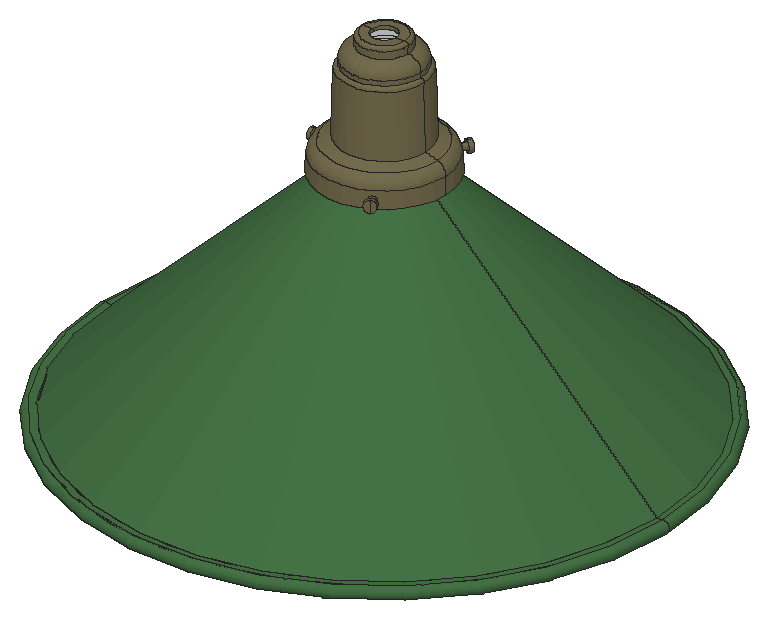
Revit family "S2H6 SHADE", category Lighting Fixtures, Revit 2024
Family settings
  Round Connector Dimension = Use Diameter
  Part Type = Normal
  OmniClass Number = 23.80.70.00
  OmniClass Title = Lighting
  Work Plane-Based = No
  Always vertical = Yes
  Cut with Voids When Loaded = No
  Light Source = Yes
  Maintain Annotation Orientation = No
  Shared = No
  Room Calculation Point = No
Parameters
  Wattage = 12.1178 W
  built-in parameter 1150110 = 1 (stored number, unit not read)
  built-in parameter 1114217 = 1 (stored number, unit not read)
  built-in parameter 1150109 = 1 (stored number, unit not read)
  built-in parameter 1150134 = (empty or 0)
  built-in parameter 1150113 = 1 (stored number, unit not read)
  Lumens = 1800 lm
  built-in parameter 1150115 = 1 (stored number, unit not read)
  built-in parameter 1150105 = 572.96 (stored number, unit not read)
  Light Source Symbol Size = 2' - 0"
  built-in parameter 1150137 = (empty or 0)
  built-in parameter 1150139 = (empty or 0)
  built-in parameter 1150112 = 1 (stored number, unit not read)
  built-in parameter 1150114 = 1 (stored number, unit not read)
  built-in parameter 1150132 = 2
  built-in parameter 1150102 = (empty or 0)
  built-in parameter 1150138 = (empty or 0)
  built-in parameter 1150107 = 3000 (stored number, unit not read)
  built-in parameter 1150106 = 5.7296 (stored number, unit not read)
  built-in parameter 1150104 = 13.8 (stored number, unit not read)
  Dimming Lamp Color Temperature Shift = (empty or 0)
  Default Elevation = 0' - 0"
  Color Filter = 16777215
  built-in parameter 1114218 = 1 (stored number, unit not read)
  built-in parameter 1150133 = 10 (stored number, unit not read)
Reference planes (in)
  plane 1 "Light Source Axis (F/B)": y = 0
  plane 2: z = 0
  plane 3 "Light Source Axis (L/R)": x = 0
  plane 4 "Light Source Elevation": z = 84
Forms (in)
  Revolve 1, solid
    sketch origin (0, 0, 2.4998) x (1, 0, 0) y (0, 0, 1)
      loop
        line (-0.25, 88.89486) -> (-0.43, 88.89486)
        arc (-0.43, 88.89486) -> (-0.4795, 88.87436) -> (-0.5, 88.82486) r 0.07
        line (-0.5, 88.82486) -> (-0.5, 88.68486)
        arc (-0.5, 88.68486) -> (-0.68708, 88.60737) -> (-0.76457, 88.42029) r 0.26457
        line (-0.76457, 88.42029) -> (-0.76457, 88.32449)
        arc (-0.76457, 88.32449) -> (-0.81932, 88.30181) -> (-0.842, 88.24706) r 0.07743
        line (-0.842, 88.24706) -> (-0.875, 86.96486) -> (-1.12093, 86.87535)
        arc (-1.12093, 86.87535) -> (-1.24281, 86.78351) -> (-1.2925, 86.6392) r 0.261
        line (-1.2925, 86.6392) -> (-1.30461, 86.29236) -> (-1.24207, 86.29236) -> (-1.23004, 86.63702)
        arc (-1.23004, 86.63702) -> (-1.19225, 86.74677) -> (-1.09955, 86.81662) r 0.1985
        line (-1.09955, 86.81662) -> (-0.81362, 86.92069) -> (-0.77952, 88.24546)
        arc (-0.77952, 88.24546) -> (-0.72476, 88.26814) -> (-0.70207, 88.3229) r 0.07745
        line (-0.70207, 88.3229) -> (-0.70207, 88.42029)
        arc (-0.70207, 88.42029) -> (-0.61875, 88.58379) -> (-0.4375, 88.61246) r 0.20207
        line (-0.4375, 88.61246) -> (-0.4375, 88.83236) -> (-0.25, 88.83236) -> (-0.25, 88.89486)
      axis (0, 88.89486) -> (0, 86.29236)
    angle from 0 to 360
  Revolve 2, solid
    sketch origin (0, 0, 2.4998) x (1, 0, 0) y (0, 0, 1)
      loop
        line (-1.54717, 86.46501) -> (-1.30016, 86.46501) -> (-1.30016, 86.53518) -> (-1.46388, 86.53518) -> (-1.46388, 86.58194) -> (-1.54717, 86.58194) -> (-1.54717, 86.46501)
      axis (-1.30016, 86.46501) -> (-1.54717, 86.46501)
    angle from 0 to 360
  Revolve 3, solid
    sketch origin (0, 0, 2.4998) x (-0.5, -0.866025, 0) y (0, 0, 1)
      loop
        line (-1.54717, 86.46501) -> (-1.30016, 86.46501) -> (-1.30016, 86.53518) -> (-1.46388, 86.53518) -> (-1.46388, 86.58194) -> (-1.54717, 86.58194) -> (-1.54717, 86.46501)
      axis (-1.30016, 86.46501) -> (-1.54717, 86.46501)
    angle from 0 to 360
  Revolve 4, solid
    sketch origin (0, 0, 2.4998) x (-0.5, 0.866025, 0) y (0, 0, 1)
      loop
        line (-1.54717, 86.46501) -> (-1.30016, 86.46501) -> (-1.30016, 86.53518) -> (-1.46388, 86.53518) -> (-1.46388, 86.58194) -> (-1.54717, 86.58194) -> (-1.54717, 86.46501)
      axis (-1.30016, 86.46501) -> (-1.54717, 86.46501)
    angle from 0 to 360
  Revolve 5, solid
    sketch origin (0, 0, 0) x (1, 0, 0) y (0, 0, 1)
      loop
        line (-5.75878, 84.10578) -> (-0.81369, 88.79216) -> (-0.94998, 88.79216) -> (-5.74331, 84.24959) -> (-5.88212, 84.24959)
        arc (-5.88212, 84.24959) -> (-5.97685, 84.04355) -> (-5.75878, 84.10578) r 0.1248
      axis (0, 84.10578) -> (0, 88.79216)
    angle from 0 to 360
Dimensions and locks (in)
  aligned and locked: plane 3 "Light Source Axis (L/R)" to imposter light
  aligned and locked: plane 1 "Light Source Axis (F/B)" to imposter light
  aligned and locked: plane 4 "Light Source Elevation" to imposter light
  aligned and locked: level to plane 2
